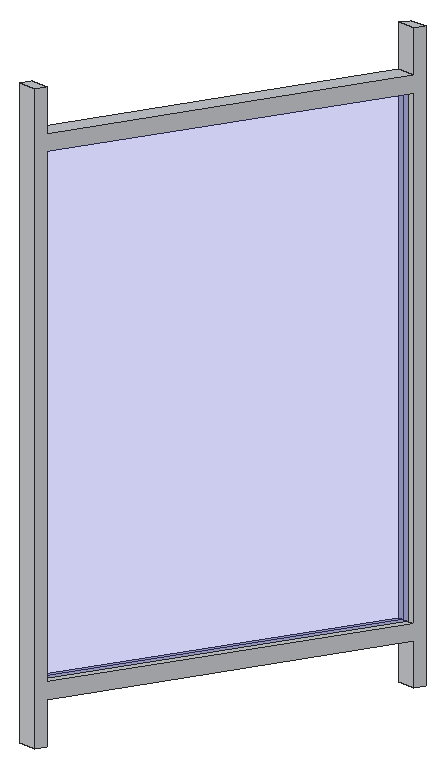
Revit family "난간동자 패널 1", category 난간동자, Revit 2026
Family settings
  항상 수직 = 예
  로드될 때 보이드를 사용하여 절단 = 아니오
  공유 = 아니오
Parameters (values of type "600mm - 유리")
  built-in parameter 1008623 [instance] = (empty or 0)
  built-in parameter 1008625 [instance] = 18.00°
  Post = no
  패널 재료 = 유리
  폭 [instance] = 600 mm
  프레임 재료 = none
  built-in parameter 1008624 [instance] = (empty or 0)
  built-in parameter 1008622 [instance] = 750 mm
Types (4, lengths in mm): name | 패널 재료 | 폭
  (no name) | 유리 | 600
  600mm - 유리 | 유리 | 600
  600mm - 체인 링크 | 체인 링크 | 600
  450mm - 유리 | 유리 | 450
Reference planes
  plane 1 "중심(앞/뒤)": y = 0
  plane 2: z = 0
  plane 3 "중심(왼쪽/오른쪽)": x = 0
  plane 4 "상단": z = 750
  plane 5 "경사 각도(상단)": through (0, 220.419, 678.381) normal (0, -0.309, -0.9511)
  plane 6 "경사 각도(하단)": through (0, 0, 0) normal (0, -0.309, -0.9511)
  plane 7 "앞면": y = 300
  plane 8 "뒤로": y = -300
  plane 9: z = 1054.8
  plane 10: z = -304.8
  plane 11: x = -19.05
  plane 12: x = 25.4
  plane 13: x = -9.525
  plane 14: x = 9.525
  plane 15: x = -3.175
  plane 16: x = 3.175
Forms (mm)
  Extrusion 1, solid, material <- "프레임 재료"
    sketch origin (0, 0, 0) x (1, 0, 0) y (0, 1, 0)
      loop
        line (-9.525, 309.525) -> (-9.525, 290.475) -> (9.525, 290.475) -> (9.525, 309.525) -> (-9.525, 309.525)
    from -304.8 to 1054.8
  Extrusion 2, solid, material <- "프레임 재료"
    sketch origin (0, 0, 0) x (1, 0, 0) y (0, 1, 0)
      loop
        line (-9.525, -290.475) -> (-9.525, -309.525) -> (9.525, -309.525) -> (9.525, -290.475) -> (-9.525, -290.475)
    from -304.8 to 1054.8
  Extrusion 3, void
    sketch origin (0, 0, 0) x (0, 1, 0) y (0, 0, 1)
      loop
        line (-334.925, -304.8) -> (334.925, -304.8) -> (334.925, -108.824) -> (-334.925, 108.824) -> (-334.925, -304.8)
      loop
        line (334.925, 1054.8) -> (-334.925, 1054.8) -> (-334.925, 858.824) -> (334.925, 641.176) -> (334.925, 1054.8)
    from -19.05 to 25.4
  Extrusion 4, solid, material <- "프레임 재료"
    sketch origin (0, 0, 0) x (0, 1, 0) y (0, 0, 1)
      loop
        line (-300, 774.031) -> (300, 579.079) -> (300, 599.11) -> (-300, 794.062) -> (-300, 774.031)
    from -9.525 to 9.525
  Extrusion 5, solid, material <- "프레임 재료"
    sketch origin (0, 0, 0) x (0, 1, 0) y (0, 0, 1)
      loop
        line (-300, 170.921) -> (-300, 150.89) -> (300, -44.062) -> (300, -24.031) -> (-300, 170.921)
    from -9.525 to 9.525
  Extrusion 6, solid, material "유리" <- "패널 재료"
    sketch origin (0, 0, 0) x (0, 1, 0) y (0, 0, 1)
      loop
        line (290.475, -20.936) -> (290.475, 582.174) -> (-290.475, 770.936) -> (-290.475, 167.826) -> (290.475, -20.936)
    from -3.175 to 3.175
Cuts and joins
  Extrusion 3 cuts Extrusion 1
  Extrusion 3 cuts Extrusion 2
  joined: Extrusion 1, Extrusion 2, Extrusion 4, Extrusion 5
Lines and regions (mm)
  symbolic lines, style "InvisibleLines"
    curve 1: line (0, -300, 773.84) -> (0, 300.36, 578.772)
    curve 2: line (0, -300, 170.921) -> (0, 300, -24.031)
Text (mm)
  text "난간동자 패널 입면도" at (0, 1279.138, 1234.25), in view "왼쪽"
Dimensions and locks
  "built-in parameter 1008622": plane 2 to plane 4 "상단"
  "폭": plane 8 "뒤로" to plane 7 "앞면"
  equal spacing: plane 8 "뒤로", plane 1 "중심(앞/뒤)", plane 7 "앞면"
  locked: curve 1 to plane 5 "경사 각도(상단)" at 70.032  (x2)
  locked: curve 1 to Extrusion 4 sketch curve at 19.232
  locked: plane 4 "상단" to plane 9 at 304.8
  locked: level to plane 10 at 304.8
  locked: plane 6 "경사 각도(하단)" to curve 2 at 69.85  (x2)
  locked: curve 2 to Extrusion 5 sketch curve at 19.05
  equal spacing: plane 13, plane 3 "중심(왼쪽/오른쪽)", plane 14
  locked: plane 13 to plane 14 at 19.05
  locked: plane 15 to plane 16 at 6.35
  equal spacing: plane 15, plane 3 "중심(왼쪽/오른쪽)", plane 16
  "built-in parameter 1008625": angle plane 4 "상단" to plane 5 "경사 각도(상단)"
  "built-in parameter 1008625": angle level to plane 6 "경사 각도(하단)"
  aligned and locked: Extrusion 1 to plane 9
  aligned and locked: plane 10 to Extrusion 1
  aligned and locked: Extrusion 2 to Extrusion 1
  aligned and locked: Extrusion 1 to Extrusion 2
  aligned and locked: plane 10 to Extrusion 3 sketch curve
  aligned and locked: Extrusion 3 sketch curve to plane 6 "경사 각도(하단)"
  aligned and locked: Extrusion 3 sketch curve to plane 9
  aligned and locked: plane 5 "경사 각도(상단)" to Extrusion 3 sketch curve
  aligned and locked: plane 11 to Extrusion 3
  aligned and locked: Extrusion 3 to plane 12
  aligned and locked: Extrusion 4 sketch curve to plane 7 "앞면"
  aligned and locked: Extrusion 4 sketch curve to plane 8 "뒤로"
  aligned and locked: plane 7 "앞면" to curve 2
  aligned and locked: plane 8 "뒤로" to curve 2
  aligned and locked: Extrusion 5 sketch curve to curve 2
  aligned and locked: Extrusion 1 sketch curve to plane 13
  aligned and locked: plane 14 to Extrusion 1 sketch curve
  aligned and locked: Extrusion 2 sketch curve to plane 13
  aligned and locked: plane 14 to Extrusion 2 sketch curve
  aligned and locked: plane 13 to Extrusion 4
  aligned and locked: Extrusion 4 to plane 14
  aligned and locked: cut or joined group of Extrusion 1, Extrusion 2, Extrusion 3, Extrusion 4, Extrusion 5 to Extrusion 5  (x2)
  aligned and locked: Extrusion 6 sketch curve to cut or joined group of Extrusion 1, Extrusion 2, Extrusion 3, Extrusion 4, Extrusion 5  (x4)
  aligned and locked: Extrusion 6 to plane 15
  aligned and locked: Extrusion 6 to plane 16
Automatic sketch dimensions
  plane 8 "뒤로" to Extrusion 3 sketch curve = 34.925 mm  (x2)
  Extrusion 3 sketch curve to plane 7 "앞면" = 34.925 mm  (x2)
  Extrusion 4 sketch curve to Extrusion 4 sketch curve = 20.03 mm  (x2)
  curve 1 to plane 8 "뒤로" = 0 mm
  curve 1 to plane 7 "앞면" = 0.36 mm
  Extrusion 5 sketch curve to plane 8 "뒤로" = 0 mm
  Extrusion 5 sketch curve to plane 7 "앞면" = 0 mm
  plane 7 "앞면" to Extrusion 1 sketch curve = 9.525 mm
  Extrusion 1 sketch curve to plane 7 "앞면" = 9.525 mm
  plane 8 "뒤로" to Extrusion 2 sketch curve = 9.525 mm
  Extrusion 2 sketch curve to plane 8 "뒤로" = 9.525 mm
